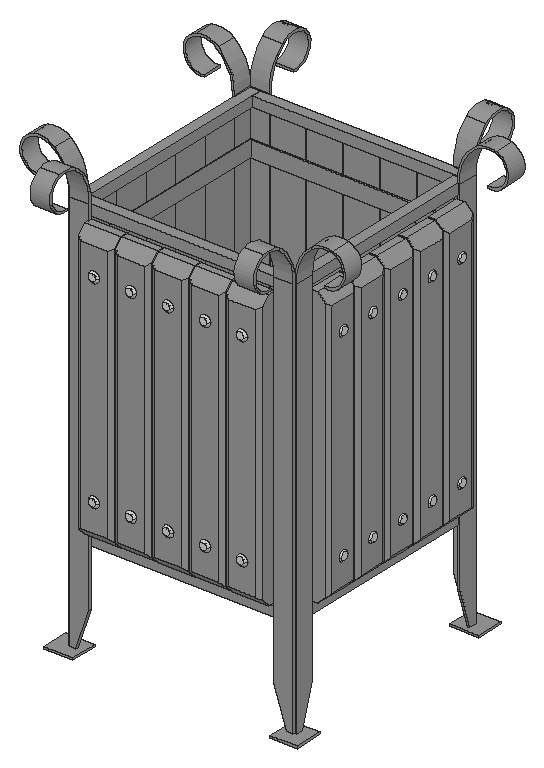
Revit family "Урна уличная «Топаз»", category Антураж, Revit 2017
Family settings
  На основе рабочей плоскости = Нет
  Всегда вертикально = Да
  При загрузке вырезать с полостями = Нет
  Источник визуального образа = Геометрия семейства
  Общий = Нет
  Точка расчета площади = Нет
Parameters (values of type "Урна уличная «Топаз»")
  Стоимость = 7876
  Изготовитель = "ООО «Хоббика»"
  Высота = 0 mm
  URL = "https://hobbyka.ru/product/urna_ulichnaia_topaz/?sphrase_id=88649"
  ADSK_Размер_Ширина = 385 mm
  ADSK_Размер_Глубина = 385 mm
  ADSK_Размер_Высота = 725 mm
  ADSK_Объем = 30.00 m³
  ADSK_Наименование = "Урна уличная «Топаз»"
  ADSK_Материал урны = Сталь окрашенная, черная
  ADSK_Материал ламелей = Сосна
  ADSK_Масса = 24.00 kg
  ADSK_Код изделия = "7282"
Reference planes
  plane 1 "По центру (Вперед/Назад)": y = 0
  plane 2: z = 0
  plane 3 "По центру (Влево/Вправо)": x = 0
Forms (mm)
  Extrusion 1, solid, material "Сталь окрашенная, черная" <- "ADSK_Материал урны"
    sketch origin (-174.984, -174.5, 0) x (1, 0, 0) y (0, 1, 0)
      loop
        line (18.484, 331) -> (18.484, 18.999) -> (330.484, 18.999) -> (330.484, 331) -> (18.484, 331)
    from 163 to 165
Dimensions and locks
  aligned and locked: level to plane 2
Nested families
  nested 1: "Деталь 2" at (-8.5, -155.501, 0), ADSK_Материал ламелей <- "ADSK_Материал ламелей", type "Деталь 2"
    with ADSK_Материал ламелей Сосна
  nested 2: "Деталь 2" at (-156.5, 8.499, 0) x (0, -1, 0) z (0, 0, 1), ADSK_Материал ламелей <- "ADSK_Материал ламелей", type "Деталь 2"
    with ADSK_Материал ламелей Сосна
  nested 3: "Деталь 2" at (7.5, 156.5, 0) x (-1, 0, 0) z (0, 0, 1), ADSK_Материал ламелей <- "ADSK_Материал ламелей", type "Деталь 2"
    with ADSK_Материал ламелей Сосна
  nested 4: "Деталь 2" at (155.5, -7.5, 0) x (0, 1, 0) z (0, 0, 1), ADSK_Материал ламелей <- "ADSK_Материал ламелей", type "Деталь 2"
    with ADSK_Материал ламелей Сосна
Definition of nested family "Деталь 2"
  Parameters (values of type "Деталь 2")
    Height = 0 mm
    ADSK_Материал урны = none
    ADSK_Материал ламелей [instance] = none
  Reference planes
    plane 1 "По центру (Вперед/Назад)": y = 0
    plane 2: z = 0
    plane 3 "По центру (Влево/Вправо)": x = 0
  Forms (mm)
    Extrusion 1, solid, material <- "ADSK_Материал ламелей", not visible
      sketch origin (0, -158.499, -169.601) x (0, 1, 0) y (0, 0, 1)
        loop
          line (158.499, 169.601) -> (158.499, 598.553) -> (146.874, 598.553) -> (130.599, 582.278) -> (130.599, 185.876) -> (146.874, 169.601) -> (158.499, 169.601)
      from 0 to 55
    Extrusion 2, void, not visible
      sketch origin (0, -158.499, 0) x (1, 0, 0) y (0, 1, 0)
        loop
          line (45.757, 128.786) -> (55.869, 128.786) -> (55.869, 135.857) -> (45.757, 128.786)
        loop
          line (9.243, 128.786) -> (-1.052, 135.985) -> (-1.052, 128.786) -> (9.243, 128.786)
      from 0 to 428.952
    Blend 3, solid, not visible
      base sketch origin (0, 0, 0) x (1, 0, 0) y (0, 0, 1)
        loop
          circle (27.5, 370.353) r 8
      top sketch origin (0, 0, 0) x (1, 0, 0) y (0, 0, 1)
        loop
          circle (27.5, 370.353) r 5.6
      from 27.9 to 30.9
    Blend 4, solid, not visible
      base sketch origin (0, 0, -310.308) x (1, 0, 0) y (0, 0, 1)
        loop
          circle (27.5, 370.353) r 8
      top sketch origin (0, 0, -310.308) x (1, 0, 0) y (0, 0, 1)
        loop
          circle (27.5, 370.353) r 5.6
      from 27.9 to 30.9
    Extrusion 5, solid, material <- "ADSK_Материал урны"
      sketch origin (8, 156, 3) x (0, 1, 0) y (0, 0, 1)
        loop
          line (-169.002, 548.819) -> (-172, 548.819) -> (-172, 523.819) -> (-169.002, 523.819) -> (-169.002, 548.819)
        loop
          line (-169.002, 238.819) -> (-172, 238.819) -> (-172, 213.819) -> (-169.002, 213.819) -> (-169.002, 238.819)
      from -171.999 to 168.999
    Extrusion 6, solid, material <- "ADSK_Материал урны"
      sketch origin (8, 156, 3) x (0, 1, 0) y (0, 0, 1)
        loop
          line (-156, 164.601) -> (-172, 164.601) -> (-172, 148.601) -> (-156, 148.601) -> (-156, 164.601)
        loop
          line (-156, 619.601) -> (-172, 619.601) -> (-172, 603.601) -> (-156, 603.601) -> (-156, 619.601)
      from -171.999 to 156
    Extrusion 7, solid, material <- "ADSK_Материал урны"
      sketch origin (8, 156, 0) x (1, 0, 0) y (0, 1, 0)
        loop
          line (-151.5, -153) -> (-195.5, -153) -> (-195.5, -195) -> (-151.5, -195) -> (-151.5, -153)
      from 0 to 3
    Extrusion 8, solid, material <- "ADSK_Материал урны", not visible
      sketch origin (0, 0, 3) x (0, 1, 0) y (0, 0, 1)
        loop
          line (-169.002, 548.819) -> (-172, 548.819) -> (-172, 523.819) -> (-169.002, 523.819) -> (-169.002, 548.819)
        loop
          line (-169.002, 238.819) -> (-172, 238.819) -> (-172, 213.819) -> (-169.002, 213.819) -> (-169.002, 238.819)
      from -171.999 to 168.999
    Extrusion 9, solid, material <- "ADSK_Материал урны", not visible
      sketch origin (0, 0, 3) x (0, 1, 0) y (0, 0, 1)
        loop
          line (-156, 164.601) -> (-172, 164.601) -> (-172, 148.601) -> (-156, 148.601) -> (-156, 164.601)
        loop
          line (-156, 619.601) -> (-172, 619.601) -> (-172, 603.601) -> (-156, 603.601) -> (-156, 619.601)
      from -171.999 to 156
    Extrusion 10, solid, material <- "ADSK_Материал урны", not visible
      sketch origin (0, 0, 0) x (1, 0, 0) y (0, 1, 0)
        loop
          line (-151.5, -153) -> (-195.5, -153) -> (-195.5, -195) -> (-151.5, -195) -> (-151.5, -153)
      from 0 to 3
  Dimensions and locks
    equal spacing: group 3, group 4, group 5, group 6, group 7  (x3)
    equal spacing: group 15, group 16, group 17, group 9, group 10  (x3)
    aligned and locked: level to plane 2
  Nested families
    nested 1: "Деталь 1" at (-164.06, -15.824, 3), ADSK_Материал держателя <- "ADSK_Материал урны", type "Деталь 1"
      with ADSK_Материал держателя none
    nested 2: "Деталь 1" at (-163.884, -15.999, 3) x (0, 1, 0) z (0, 0, 1), ADSK_Материал держателя <- "ADSK_Материал урны", type "Деталь 1"
      with ADSK_Материал держателя none
    nested 3: "Деталь 2" at (-134, -16, 172.601), ADSK_Материал ламелей <- "ADSK_Материал ламелей", type "Деталь 2"
      with ADSK_Материал ламелей none
    nested 4: "Деталь 2" at (-77, -16, 172.601), ADSK_Материал ламелей <- "ADSK_Материал ламелей", type "Деталь 2"
      with ADSK_Материал ламелей none
    nested 5: "Деталь 2" at (-20, -16, 172.601), ADSK_Материал ламелей <- "ADSK_Материал ламелей", type "Деталь 2"
      with ADSK_Материал ламелей none
    nested 6: "Деталь 2" at (37, -16, 172.601), ADSK_Материал ламелей <- "ADSK_Материал ламелей", type "Деталь 2"
      with ADSK_Материал ламелей none
    nested 7: "Деталь 2" at (94, -16, 172.601), ADSK_Материал ламелей <- "ADSK_Материал ламелей", type "Деталь 2"
      with ADSK_Материал ламелей none
    nested 8: "Деталь 2" at (29, -172, 172.601), ADSK_Материал ламелей <- "ADSK_Материал ламелей", type "Деталь 2", not visible
      with ADSK_Материал ламелей none
    nested 9: "Деталь 2" at (86, -172, 172.601), ADSK_Материал ламелей <- "ADSK_Материал ламелей", type "Деталь 2", not visible
      with ADSK_Материал ламелей none
    nested 10: "Деталь 1" at (-180, -171.824, 0), ADSK_Материал держателя <- "ADSK_Материал урны", type "Деталь 1", not visible
      with ADSK_Материал держателя none
    nested 11: "Деталь 1" at (-179.825, -172, 0) x (0, 1, 0) z (0, 0, 1), ADSK_Материал держателя <- "ADSK_Материал урны", type "Деталь 1", not visible
      with ADSK_Материал держателя none
    nested 12: "Деталь 2" at (-142, -172, 172.601), ADSK_Материал ламелей <- "ADSK_Материал ламелей", type "Деталь 2", not visible
      with ADSK_Материал ламелей none
    nested 13: "Деталь 1" at (-172.059, -171.824, 3), ADSK_Материал держателя <- "ADSK_Материал урны", type "Деталь 1", not visible
      with ADSK_Материал держателя none
    nested 14: "Деталь 1" at (-171.884, -172, 3) x (0, 1, 0) z (0, 0, 1), ADSK_Материал держателя <- "ADSK_Материал урны", type "Деталь 1", not visible
      with ADSK_Материал держателя none
    nested 15: "Деталь 2" at (-142, -172, 172.601), ADSK_Материал ламелей <- "ADSK_Материал ламелей", type "Деталь 2", not visible
      with ADSK_Материал ламелей none
    nested 16: "Деталь 2" at (-85, -172, 172.601), ADSK_Материал ламелей <- "ADSK_Материал ламелей", type "Деталь 2", not visible
      with ADSK_Материал ламелей none
    nested 17: "Деталь 2" at (-28, -172, 172.601), ADSK_Материал ламелей <- "ADSK_Материал ламелей", type "Деталь 2", not visible
      with ADSK_Материал ламелей none
  Definition of nested family "Деталь 1"
    Parameters (values of type "Деталь 1")
      Height = 0 mm
      ADSK_Материал держателя [instance] = none
    Reference planes
      plane 1 "По центру (Вперед/Назад)": y = 0
      plane 2: z = 0
      plane 3 "По центру (Влево/Вправо)": x = 0
    Forms (mm)
      Extrusion 1, solid, material <- "ADSK_Материал держателя"
        sketch origin (0, 15.884, 0) x (0, 1, 0) y (0, 0, 1)
          loop
            line (-62.102, 629.831) -> (-62.102, 632.825)
            arc (-62.102, 632.825) -> (-90.808, 651.781) -> (-74.361, 681.995) r 25.43
            arc (-74.361, 681.995) -> (-57.732, 683.14) -> (-42.742, 675.849) r 32.33
            arc (-42.742, 675.849) -> (-24.401, 650.675) -> (-18.999, 620) r 68.997
            line (-18.999, 620) -> (-18.999, 0) -> (-16.002, 0) -> (-16.002, 619.92)
            arc (-16.002, 619.92) -> (-21.577, 651.918) -> (-40.784, 678.11) r 71.203
            arc (-40.784, 678.11) -> (-57.172, 686.029) -> (-75.334, 684.838) r 35.691
            arc (-75.334, 684.838) -> (-93.92, 651.272) -> (-62.102, 629.831) r 28.396
        from 0 to 30
      Extrusion 2, void
        sketch origin (0, 0, 0) x (1, 0, 0) y (0, 0, 1)
          loop
            line (35, 74.711) -> (6.654, -10) -> (35, -10) -> (35, 74.711)
        from 0 to 250
    Cuts and joins
      Extrusion 2 cuts Extrusion 1
    Dimensions and locks
      aligned and locked: level to plane 2
  Definition of nested family "Деталь 2"
    Parameters (values of type "Деталь 2")
      Height = 0 mm
      ADSK_Материал ламелей [instance] = none
    Reference planes
      plane 1 "По центру (Вперед/Назад)": y = 0
      plane 2: z = 0
      plane 3 "По центру (Влево/Вправо)": x = 0
    Forms (mm)
      Extrusion 1, solid, material <- "ADSK_Материал ламелей"
        sketch origin (0, -158.499, -169.601) x (0, 1, 0) y (0, 0, 1)
          loop
            line (158.499, 169.601) -> (158.499, 598.553) -> (146.874, 598.553) -> (130.599, 582.278) -> (130.599, 185.876) -> (146.874, 169.601) -> (158.499, 169.601)
        from 0 to 55
      Extrusion 2, void
        sketch origin (0, -158.499, 0) x (1, 0, 0) y (0, 1, 0)
          loop
            line (45.757, 128.786) -> (55.869, 128.786) -> (55.869, 135.857) -> (45.757, 128.786)
          loop
            line (9.243, 128.786) -> (-1.052, 135.985) -> (-1.052, 128.786) -> (9.243, 128.786)
        from 0 to 428.952
      Blend 3, solid
        base sketch origin (0, 0, 0) x (1, 0, 0) y (0, 0, 1)
          loop
            circle (27.5, 370.353) r 8
        top sketch origin (0, 0, 0) x (1, 0, 0) y (0, 0, 1)
          loop
            circle (27.5, 370.353) r 5.6
        from 27.9 to 30.9
      Blend 4, solid
        base sketch origin (0, 0, -310.308) x (1, 0, 0) y (0, 0, 1)
          loop
            circle (27.5, 370.353) r 8
        top sketch origin (0, 0, -310.308) x (1, 0, 0) y (0, 0, 1)
          loop
            circle (27.5, 370.353) r 5.6
        from 27.9 to 30.9
      Extrusion 5, solid, material <- "ADSK_Материал ламелей", not visible
        sketch origin (0, -158.499, -169.601) x (0, 1, 0) y (0, 0, 1)
          loop
            line (158.499, 169.601) -> (158.499, 598.553) -> (146.874, 598.553) -> (130.599, 582.278) -> (130.599, 185.876) -> (146.874, 169.601) -> (158.499, 169.601)
        from 0 to 55
      Extrusion 6, void, not visible
        sketch origin (0, -158.499, 0) x (1, 0, 0) y (0, 1, 0)
          loop
            line (45.757, 128.786) -> (55.869, 128.786) -> (55.869, 135.857) -> (45.757, 128.786)
          loop
            line (9.243, 128.786) -> (-1.052, 135.985) -> (-1.052, 128.786) -> (9.243, 128.786)
        from 0 to 428.952
      Blend 7, solid, not visible
        base sketch origin (0, 0, 0) x (1, 0, 0) y (0, 0, 1)
          loop
            circle (27.5, 370.353) r 8
        top sketch origin (0, 0, 0) x (1, 0, 0) y (0, 0, 1)
          loop
            circle (27.5, 370.353) r 5.6
        from 27.9 to 30.9
      Blend 8, solid, not visible
        base sketch origin (0, 0, -310.308) x (1, 0, 0) y (0, 0, 1)
          loop
            circle (27.5, 370.353) r 8
        top sketch origin (0, 0, -310.308) x (1, 0, 0) y (0, 0, 1)
          loop
            circle (27.5, 370.353) r 5.6
        from 27.9 to 30.9
    Cuts and joins
      Extrusion 2 cuts Extrusion 1
    Dimensions and locks
      aligned and locked: level to plane 2
